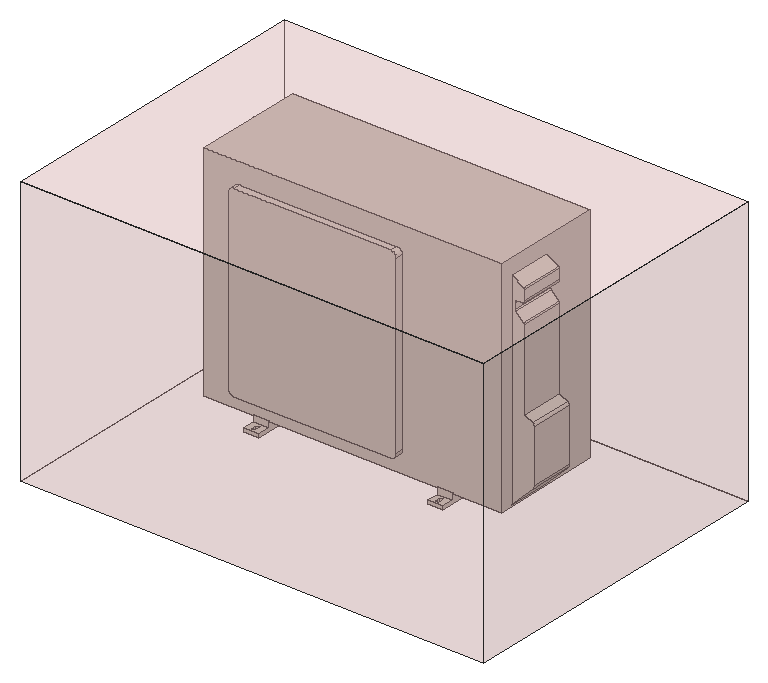
Revit family "PUZ-ZM50VKA2(-ET,ER)", category Mechanical Equipment, Revit 2018
Family settings
  Round Connector Dimension = Use Diameter
  Part Type = Normal
  OmniClass Number = 23.75.00.00
  OmniClass Title = Climate Control (HVAC)
  Work Plane-Based = No
  Always vertical = Yes
  Cut with Voids When Loaded = No
  Shared = No
  Room Calculation Point = No
Parameters (values of type "PUZ-ZM50VKA2(-ET,ER)")
  Width (mm)_ = "809"
  Width (in) = "31-13/16"
  Weight (lbs) = "101"
  Weight (kg) = "46"
  WarrantyStart = ""
  TagNumber = 0
  SerialNumber = 0
  ReplacementYear = ""
  Refrigerant piping :Pipe size O.D liquid (mm) = 6.350 mm
  Refrigerant piping :Pipe size O.D liquid (in) = "1/4"
  Refrigerant piping :Pipe size O.D gas (mm) = 12.700 mm
  Refrigerant piping :Pipe size O.D gas (in) = "1/2"
  Refrigerant control = "Linear expansion valve"
  Refrigerant charged (lbS) = "4.4"
  Refrigerant charged (kg) = "2.0"
  Refrigerant Piping length Between the indoor and outdoor unit(m) = "Maximum 50"
  Refrigerant Piping Height difference Between the indoor and outdoor unit(m) = "Maximum 30"
  Refrigerant Oil Charged (L) = "0.35"
  Refrigerant Oil (Model) = "FW68S"
  Model = "PUZ-ZM50VKA2(-ET,ER)"
  Voltage = 230 V
  URL = "http://www.mitsubishielectric.com/"
  Subcategory = "HVAC"
  Space View = yes
  Refrigerant type = "R32"
  Phase = 1
  Maxmum current (A) = 13 A
  Manufacturer = "Mitsubishi Electric Corporation"
  InstallationDate = ""
  Hertz = 50 Hz
  Height (mm)_ = "630"
  Height (in) = "24-13/16"
  Heating Sound pressure level (dB) = "46"
  Heat exchanger = "Plate fin coil"
  Fan drive = "Propeller fan"
  Fan No. = "1"
  Fan Motor Output (kW) = "0.046"
  Fan Airflow (m3/min) (CFM) = "45 (1590)"
  External Finish = "Munsell 3Y 7.8/1.1"
  Equip_description = ""
  Equip_No. = 0
  Equip_ID = ""
  Description_ = ""
  Description = "Outdoor unit"
  Depth (mm)_ = "300+20"
  Depth (in) = "11-13/16 + 25/32"
  Defrost method = "Reverse cycle"
  CreatedOn = ""
  CreatedBy = ""
  Crankcase heater (kW) = "-"
  Cooling Sound pressure level (dB) = "44"
  Connection method Outdoor side = "Flared"
  Connection method  Indoor side = "Flared"
  Compressor Starter type = "Inverter"
  Compressor Protection devices = "HP switch, Comp.surface thermistor"
  Compressor Motor Output (kW) = "1.0"
  Compressor Model = "SVB140FFSM"
  Compressor = "Hermetic"
  Category = ""
  Barcode = ""
  AssetIdentifier = ""
Reference planes
  plane 1 "Center (Front/Back)": y = 0
  plane 2 "Under": z = 0
  plane 3 "Center (Left/Right)": x = 0
  plane 4: x = -94.5
  plane 5 "Left": x = -404.5
  plane 6 "Right": x = 404.5
  plane 7: z = 320
  plane 8 "TOP": z = 630
  plane 9 "Back": y = 150
  plane 10 "Front": y = -150
  plane 11: y = 250
  plane 12: y = -650
  plane 13: x = -504.5
  plane 14: y = 101.5
  plane 15: z = 730
  plane 16 "pipe": y = -35.5
  plane 17: z = 99.5
  plane 18: x = 434.5
  plane 19: through (4267.2, -35.5, 99.5) normal (0, -0.682, 0.7314)
  plane 20: through (4267.2, -10.925, 181.707) normal (0, 0.5736, -0.8192)
  plane 21: z = 164.5
Forms (mm)
  Extrusion 1, solid, material "Paint_3Y 7.8/ 1.1"
    sketch origin (24.944, 5.059, 0) x (1, 0, 0) y (0, 1, 0)
      loop
        line (-429.444, 144.941) -> (-429.444, -155.059) -> (379.556, -155.059) -> (379.556, 144.941) -> (-429.444, 144.941)
    from 26 to 630
  Extrusion 2, void
    sketch origin (-445.511, 150, 0) x (-1, 0, 0) y (0, 0, -1)
      loop
        line (-759.9, -45) -> (-759.9, -595.625) -> (-90.6, -595.625) -> (-90.6, -45) -> (-759.9, -45)
    from 0 to 20
  Extrusion 3, solid
    sketch origin (-369.6, 137.297, 45) x (1, 0, 0) y (0, 1, 0)
      loop
        circle (514.071, 12.703) r 1.954
      loop
        circle (354.071, 12.703) r 1.954
      loop
        circle (184.071, 12.703) r 1.954
      loop
        circle (23.993, 12.703) r 1.954
      loop
        circle (673.993, 12.703) r 1.954
    from 0 to 550.625
  Extrusion 4, solid
    sketch origin (-450.056, -7.644, 0) x (0, 1, 0) y (0, 0, 1)
      loop
        circle (157.644, 320.312) r 2
      loop
        circle (157.644, 451.312) r 2
      loop
        circle (157.644, 582.312) r 2
      loop
        circle (157.644, 189.312) r 2
      loop
        circle (157.644, 58.312) r 2
    from 95.145 to 764.445
  Extrusion 5, solid, material "Paint_3Y 7.8/ 1.1"
    sketch origin (24.944, -147.241, 0) x (1, 0, 0) y (0, 0, 1)
      loop
        line (379.556, 30) -> (439.627, 90.071)
        arc (439.627, 90.071) -> (441.795, 93.315) -> (442.556, 97.142) r 10
        line (442.556, 97.142) -> (442.556, 240.649)
        arc (442.556, 240.649) -> (441.217, 245.649) -> (437.556, 249.309) r 10
        line (437.556, 249.309) -> (415.575, 262) -> (415.575, 481.488)
        arc (415.575, 481.488) -> (415.195, 483.401) -> (414.111, 485.023) r 5
        line (414.111, 485.023) -> (392.291, 506.843)
        arc (392.291, 506.843) -> (391.207, 508.465) -> (390.827, 510.379) r 5
        line (390.827, 510.379) -> (390.827, 528.065)
        arc (390.827, 528.065) -> (392.291, 531.601) -> (395.827, 533.065) r 5
        line (395.827, 533.065) -> (410.575, 533.065)
        arc (410.575, 533.065) -> (414.111, 534.53) -> (415.575, 538.065) r 5
        line (415.575, 538.065) -> (415.575, 566.518)
        arc (415.575, 566.518) -> (414.906, 569.018) -> (413.075, 570.848) r 5
        line (413.075, 570.848) -> (379.556, 590.2) -> (379.556, 30)
    from -147.241 to -30.241
  Extrusion 6, solid
    sketch origin (404.5, 5.059, 5.7) x (0, 1, 0) y (0, 0, 1)
      loop
        line (-113.021, 551.079) -> (-113.021, 492) -> (-14.055, 492) -> (-14.055, 551.079) -> (-113.021, 551.079)
    from 0 to 5
  Extrusion 7, solid, material "Paint_3Y 7.8/ 1.1"
    sketch origin (0, 0, 0) x (1, 0, 0) y (0, 0, 1)
      loop
        line (-404.5, 605) -> (-404.5, 615) -> (-426.019, 610.175)
        arc (-426.019, 610.175) -> (-426.581, 609.824) -> (-426.8, 609.199) r 1
        line (-426.8, 609.199) -> (-426.8, 605) -> (-404.5, 605)
    from 50 to -50
  Extrusion 8, void
    sketch origin (0, -0.5, 0) x (1, 0, 0) y (0, 1, 0)
      loop
        circle (0, 102) r 21
    from 26 to 45
  Extrusion 9, solid
    sketch origin (0, 10.418, 6.27) x (0, -0.681998, 0.731354) y (1, 0, 0)
      loop
        circle (99.5, 434.5) r 6.35
    from -10 to 30
  Extrusion 10, solid
    sketch origin (0, 33.992, 12.952) x (0, -0.573576, 0.819152) y (1, 0, 0)
      loop
        circle (164, 434.5) r 3.175
    from -10 to 30
  Extrusion 11, solid, material "Paint_3Y 7.8/ 1.1"
    sketch origin (0, -150, 0) x (-1, 0, 0) y (0, 0, 1)
      loop
        line (307.5, 573) -> (-118.5, 573)
        arc (-118.5, 573) -> (-129.107, 568.607) -> (-133.5, 558) r 15
        line (-133.5, 558) -> (-133.5, 82)
        arc (-133.5, 82) -> (-129.107, 71.393) -> (-118.5, 67) r 15
        line (-118.5, 67) -> (307.5, 67)
        arc (307.5, 67) -> (318.107, 71.393) -> (322.5, 82) r 15
        line (322.5, 82) -> (322.5, 558)
        arc (322.5, 558) -> (318.107, 568.607) -> (307.5, 573) r 15
    from 0 to -20
  Extrusion 12, solid, material "Service space", visible <- "Space View"
    sketch origin (0, 0, 0) x (1, 0, 0) y (0, 1, 0)
      loop
        line (-504.5, 250) -> (-504.5, -650) -> (754.5, -650) -> (754.5, 250) -> (-504.5, 250)
    from 0 to 730
Cuts and joins
  Extrusion 2, Extrusion 8 cuts Extrusion 1
  Extrusion 2 cuts Extrusion 3
  Extrusion 2 cuts Extrusion 4
Lines and regions (mm)
  model lines
    curve 1: line (-334.5, 42, 630) -> (334.5, 42, 630)
    curve 2: line (-344.5, 92, 630) -> (-344.5, 52, 630)
    curve 3: line (334.5, 102, 630) -> (-334.5, 102, 630)
    curve 4: line (344.5, 92, 630) -> (344.5, 52, 630)
    curve 5: line (-334.5, -102, 630) -> (334.5, -102, 630)
    curve 6: line (-344.5, -52, 630) -> (-344.5, -92, 630)
    curve 7: line (334.5, -42, 630) -> (-334.5, -42, 630)
    curve 8: line (344.5, -52, 630) -> (344.5, -92, 630)
    curve 9: line (-334.5, -30, 630) -> (334.5, -30, 630)
    curve 10: line (-344.5, 20, 630) -> (-344.5, -20, 630)
    curve 11: line (334.5, 30, 630) -> (-334.5, 30, 630)
    curve 12: line (344.5, 20, 630) -> (344.5, -20, 630)
    curve 13: line (-364.487, -102, 630) -> (-364.487, 98.838, 630)
    curve 14: line (-354.534, 98.838, 630) -> (-354.534, -102, 630)
    curve 15: arc (334.5, 102, 630) -> (341.571, 99.071, 630) -> (344.5, 92, 630) r 10
    curve 16: arc (344.5, 52, 630) -> (341.571, 44.929, 630) -> (334.5, 42, 630) r 10
    curve 17: arc (-344.5, 92, 630) -> (-341.571, 99.071, 630) -> (-334.5, 102, 630) r 10
    curve 18: arc (-344.5, 52, 630) -> (-341.571, 44.929, 630) -> (-334.5, 42, 630) r 10
    curve 19: arc (-334.5, 30, 630) -> (-341.571, 27.071, 630) -> (-344.5, 20, 630) r 10
    curve 20: arc (-344.5, -20, 630) -> (-341.571, -27.071, 630) -> (-334.5, -30, 630) r 10
    curve 21: arc (-334.5, -42, 630) -> (-341.571, -44.929, 630) -> (-344.5, -52, 630) r 10
    curve 22: arc (-344.5, -92, 630) -> (-341.571, -99.071, 630) -> (-334.5, -102, 630) r 10
    curve 23: arc (334.5, 30, 630) -> (341.571, 27.071, 630) -> (344.5, 20, 630) r 10
    curve 24: arc (334.5, -30, 630) -> (341.571, -27.071, 630) -> (344.5, -20, 630) r 10
    curve 25: arc (334.5, -42, 630) -> (341.571, -44.929, 630) -> (344.5, -52, 630) r 10
    curve 26: arc (334.5, -102, 630) -> (341.571, -99.071, 630) -> (344.5, -92, 630) r 10
    curve 27: arc (-364.487, 98.838, 630) -> (-359.511, 103.814, 630) -> (-354.534, 98.838, 630) r 4.976
    curve 28: arc (-354.534, -102, 630) -> (-359.511, -106.976, 630) -> (-364.487, -102, 630) r 4.976
    curve 29: line (364.487, -102, 630) -> (364.487, 98.838, 630)
    curve 30: line (354.534, 98.838, 630) -> (354.534, -102, 630)
    curve 31: arc (364.487, 98.838, 630) -> (359.511, 103.814, 630) -> (354.534, 98.838, 630) r 4.976
    curve 32: arc (354.534, -102, 630) -> (359.511, -106.976, 630) -> (364.487, -102, 630) r 4.976
    curve 33: circle (-94.5, -170, 320) r 215 normal (0, 1, 0)
    curve 34: line (133.5, -170, 555) -> (-322.5, -170, 555)
    curve 35: line (133.5, -170, 461) -> (-322.5, -170, 461)
    curve 36: line (133.5, -170, 367) -> (-322.5, -170, 367)
    curve 37: line (133.5, -170, 273) -> (-322.5, -170, 273)
    curve 38: line (133.5, -170, 179) -> (-322.5, -170, 179)
    curve 39: line (133.5, -170, 85) -> (-322.5, -170, 85)
    curve 40: line (-316.5, -170, 70) -> (-316.5, -170, 570)
    curve 41: line (-304.5, -170, 67) -> (-304.5, -170, 573)
    curve 42: line (-292.5, -170, 67) -> (-292.5, -170, 573)
    curve 43: line (-280.5, -170, 67) -> (-280.5, -170, 573)
    curve 44: line (-268.5, -170, 67) -> (-268.5, -170, 573)
    curve 45: line (-256.5, -170, 67) -> (-256.5, -170, 573)
    curve 46: line (-244.5, -170, 67) -> (-244.5, -170, 573)
    curve 47: line (-232.5, -170, 67) -> (-232.5, -170, 573)
    curve 48: line (-220.5, -170, 67) -> (-220.5, -170, 573)
    curve 49: line (-208.5, -170, 67) -> (-208.5, -170, 573)
    curve 50: line (-196.5, -170, 67) -> (-196.5, -170, 573)
    curve 51: line (-184.5, -170, 67) -> (-184.5, -170, 573)
    curve 52: line (-172.5, -170, 67) -> (-172.5, -170, 573)
    curve 53: line (-160.5, -170, 67) -> (-160.5, -170, 573)
    curve 54: line (-148.5, -170, 67) -> (-148.5, -170, 573)
    curve 55: line (-136.5, -170, 67) -> (-136.5, -170, 573)
    curve 56: line (-124.5, -170, 67) -> (-124.5, -170, 573)
    curve 57: line (-112.5, -170, 67) -> (-112.5, -170, 573)
    curve 58: line (-100.5, -170, 67) -> (-100.5, -170, 573)
    curve 59: line (-88.5, -170, 67) -> (-88.5, -170, 573)
    curve 60: line (-76.5, -170, 67) -> (-76.5, -170, 573)
    curve 61: line (-64.5, -170, 67) -> (-64.5, -170, 573)
    curve 62: line (-52.5, -170, 67) -> (-52.5, -170, 573)
    curve 63: line (-40.5, -170, 67) -> (-40.5, -170, 573)
    curve 64: line (-28.5, -170, 67) -> (-28.5, -170, 573)
    curve 65: line (-16.5, -170, 67) -> (-16.5, -170, 573)
    curve 66: line (-4.5, -170, 67) -> (-4.5, -170, 573)
    curve 67: line (7.5, -170, 67) -> (7.5, -170, 573)
    curve 68: line (19.5, -170, 67) -> (19.5, -170, 573)
    curve 69: line (31.5, -170, 67) -> (31.5, -170, 573)
    curve 70: line (43.5, -170, 67) -> (43.5, -170, 573)
    curve 71: line (55.5, -170, 67) -> (55.5, -170, 573)
    curve 72: line (67.5, -170, 67) -> (67.5, -170, 573)
    curve 73: line (79.5, -170, 67) -> (79.5, -170, 573)
    curve 74: line (91.5, -170, 67) -> (91.5, -170, 573)
    curve 75: line (103.5, -170, 67) -> (103.5, -170, 573)
    curve 76: line (115.5, -170, 67) -> (115.5, -170, 573)
    curve 77: line (127.5, -170, 70) -> (127.5, -170, 570)
    curve 78: line (-404.5, 105, 74) -> (-404.5, 25, 74)
    curve 79: line (-404.5, 110, 65) -> (-404.5, 110, 69)
    curve 80: line (-404.5, 25, 60) -> (-404.5, 105, 60)
    curve 81: line (-404.5, 20, 69) -> (-404.5, 20, 65)
    curve 82: arc (-404.5, 105, 74) -> (-404.5, 108.536, 72.536) -> (-404.5, 110, 69) r 5
    curve 83: arc (-404.5, 110, 65) -> (-404.5, 108.536, 61.464) -> (-404.5, 105, 60) r 5
    curve 84: arc (-404.5, 25, 74) -> (-404.5, 21.464, 72.536) -> (-404.5, 20, 69) r 5
    curve 85: arc (-404.5, 20, 65) -> (-404.5, 21.464, 61.464) -> (-404.5, 25, 60) r 5
    curve 86: line (-404.5, 3, 74) -> (-404.5, -77, 74)
    curve 87: line (-404.5, 8, 65) -> (-404.5, 8, 69)
    curve 88: line (-404.5, -77, 60) -> (-404.5, 3, 60)
    curve 89: line (-404.5, -82, 69) -> (-404.5, -82, 65)
    curve 90: arc (-404.5, 3, 74) -> (-404.5, 6.536, 72.536) -> (-404.5, 8, 69) r 5
    curve 91: arc (-404.5, 8, 65) -> (-404.5, 6.536, 61.464) -> (-404.5, 3, 60) r 5
    curve 92: arc (-404.5, -77, 74) -> (-404.5, -80.536, 72.536) -> (-404.5, -82, 69) r 5
    curve 93: arc (-404.5, -82, 65) -> (-404.5, -80.536, 61.464) -> (-404.5, -77, 60) r 5
    curve 94: line (-404.5, 105, 94) -> (-404.5, 25, 94)
    curve 95: line (-404.5, 110, 85) -> (-404.5, 110, 89)
    curve 96: line (-404.5, 25, 80) -> (-404.5, 105, 80)
    curve 97: line (-404.5, 20, 89) -> (-404.5, 20, 85)
    curve 98: arc (-404.5, 105, 94) -> (-404.5, 108.536, 92.536) -> (-404.5, 110, 89) r 5
    curve 99: arc (-404.5, 110, 85) -> (-404.5, 108.536, 81.464) -> (-404.5, 105, 80) r 5
    curve 100: arc (-404.5, 25, 94) -> (-404.5, 21.464, 92.536) -> (-404.5, 20, 89) r 5
    curve 101: arc (-404.5, 20, 85) -> (-404.5, 21.464, 81.464) -> (-404.5, 25, 80) r 5
    curve 102: line (-404.5, 3, 94) -> (-404.5, -77, 94)
    curve 103: line (-404.5, 8, 85) -> (-404.5, 8, 89)
    curve 104: line (-404.5, -77, 80) -> (-404.5, 3, 80)
    curve 105: line (-404.5, -82, 89) -> (-404.5, -82, 85)
    curve 106: arc (-404.5, 3, 94) -> (-404.5, 6.536, 92.536) -> (-404.5, 8, 89) r 5
    curve 107: arc (-404.5, 8, 85) -> (-404.5, 6.536, 81.464) -> (-404.5, 3, 80) r 5
    curve 108: arc (-404.5, -77, 94) -> (-404.5, -80.536, 92.536) -> (-404.5, -82, 89) r 5
    curve 109: arc (-404.5, -82, 85) -> (-404.5, -80.536, 81.464) -> (-404.5, -77, 80) r 5
    curve 110: line (-404.5, 105, 114) -> (-404.5, 25, 114)
    curve 111: line (-404.5, 110, 105) -> (-404.5, 110, 109)
    curve 112: line (-404.5, 25, 100) -> (-404.5, 105, 100)
    curve 113: line (-404.5, 20, 109) -> (-404.5, 20, 105)
    curve 114: arc (-404.5, 105, 114) -> (-404.5, 108.536, 112.536) -> (-404.5, 110, 109) r 5
    curve 115: arc (-404.5, 110, 105) -> (-404.5, 108.536, 101.464) -> (-404.5, 105, 100) r 5
    curve 116: arc (-404.5, 25, 114) -> (-404.5, 21.464, 112.536) -> (-404.5, 20, 109) r 5
    curve 117: arc (-404.5, 20, 105) -> (-404.5, 21.464, 101.464) -> (-404.5, 25, 100) r 5
    curve 118: line (-404.5, 3, 114) -> (-404.5, -77, 114)
    curve 119: line (-404.5, 8, 105) -> (-404.5, 8, 109)
    curve 120: line (-404.5, -77, 100) -> (-404.5, 3, 100)
    curve 121: line (-404.5, -82, 109) -> (-404.5, -82, 105)
    curve 122: arc (-404.5, 3, 114) -> (-404.5, 6.536, 112.536) -> (-404.5, 8, 109) r 5
    curve 123: arc (-404.5, 8, 105) -> (-404.5, 6.536, 101.464) -> (-404.5, 3, 100) r 5
    curve 124: arc (-404.5, -77, 114) -> (-404.5, -80.536, 112.536) -> (-404.5, -82, 109) r 5
    curve 125: arc (-404.5, -82, 105) -> (-404.5, -80.536, 101.464) -> (-404.5, -77, 100) r 5
    curve 126: line (-404.5, 105, 134) -> (-404.5, 25, 134)
    curve 127: line (-404.5, 110, 125) -> (-404.5, 110, 129)
    curve 128: line (-404.5, 25, 120) -> (-404.5, 105, 120)
    curve 129: line (-404.5, 20, 129) -> (-404.5, 20, 125)
    curve 130: arc (-404.5, 105, 134) -> (-404.5, 108.536, 132.536) -> (-404.5, 110, 129) r 5
    curve 131: arc (-404.5, 110, 125) -> (-404.5, 108.536, 121.464) -> (-404.5, 105, 120) r 5
    curve 132: arc (-404.5, 25, 134) -> (-404.5, 21.464, 132.536) -> (-404.5, 20, 129) r 5
    curve 133: arc (-404.5, 20, 125) -> (-404.5, 21.464, 121.464) -> (-404.5, 25, 120) r 5
    curve 134: line (-404.5, 3, 134) -> (-404.5, -77, 134)
    curve 135: line (-404.5, 8, 125) -> (-404.5, 8, 129)
    curve 136: line (-404.5, -77, 120) -> (-404.5, 3, 120)
    curve 137: line (-404.5, -82, 129) -> (-404.5, -82, 125)
    curve 138: arc (-404.5, 3, 134) -> (-404.5, 6.536, 132.536) -> (-404.5, 8, 129) r 5
    curve 139: arc (-404.5, 8, 125) -> (-404.5, 6.536, 121.464) -> (-404.5, 3, 120) r 5
    curve 140: arc (-404.5, -77, 134) -> (-404.5, -80.536, 132.536) -> (-404.5, -82, 129) r 5
    curve 141: arc (-404.5, -82, 125) -> (-404.5, -80.536, 121.464) -> (-404.5, -77, 120) r 5
    curve 142: line (-404.5, 105, 154) -> (-404.5, 25, 154)
    curve 143: line (-404.5, 110, 145) -> (-404.5, 110, 149)
    curve 144: line (-404.5, 25, 140) -> (-404.5, 105, 140)
    curve 145: line (-404.5, 20, 149) -> (-404.5, 20, 145)
    curve 146: arc (-404.5, 105, 154) -> (-404.5, 108.536, 152.536) -> (-404.5, 110, 149) r 5
    curve 147: arc (-404.5, 110, 145) -> (-404.5, 108.536, 141.464) -> (-404.5, 105, 140) r 5
    curve 148: arc (-404.5, 25, 154) -> (-404.5, 21.464, 152.536) -> (-404.5, 20, 149) r 5
    curve 149: arc (-404.5, 20, 145) -> (-404.5, 21.464, 141.464) -> (-404.5, 25, 140) r 5
    curve 150: line (-404.5, 3, 154) -> (-404.5, -77, 154)
    curve 151: line (-404.5, 8, 145) -> (-404.5, 8, 149)
    curve 152: line (-404.5, -77, 140) -> (-404.5, 3, 140)
    curve 153: line (-404.5, -82, 149) -> (-404.5, -82, 145)
    curve 154: arc (-404.5, 3, 154) -> (-404.5, 6.536, 152.536) -> (-404.5, 8, 149) r 5
    curve 155: arc (-404.5, 8, 145) -> (-404.5, 6.536, 141.464) -> (-404.5, 3, 140) r 5
    curve 156: arc (-404.5, -77, 154) -> (-404.5, -80.536, 152.536) -> (-404.5, -82, 149) r 5
    curve 157: arc (-404.5, -82, 145) -> (-404.5, -80.536, 141.464) -> (-404.5, -77, 140) r 5
    curve 158: line (-404.5, 105, 174) -> (-404.5, 25, 174)
    curve 159: line (-404.5, 110, 165) -> (-404.5, 110, 169)
    curve 160: line (-404.5, 25, 160) -> (-404.5, 105, 160)
    curve 161: line (-404.5, 20, 169) -> (-404.5, 20, 165)
    curve 162: arc (-404.5, 105, 174) -> (-404.5, 108.536, 172.536) -> (-404.5, 110, 169) r 5
    curve 163: arc (-404.5, 110, 165) -> (-404.5, 108.536, 161.464) -> (-404.5, 105, 160) r 5
    curve 164: arc (-404.5, 25, 174) -> (-404.5, 21.464, 172.536) -> (-404.5, 20, 169) r 5
    curve 165: arc (-404.5, 20, 165) -> (-404.5, 21.464, 161.464) -> (-404.5, 25, 160) r 5
    curve 166: line (-404.5, 3, 174) -> (-404.5, -77, 174)
    curve 167: line (-404.5, 8, 165) -> (-404.5, 8, 169)
    curve 168: line (-404.5, -77, 160) -> (-404.5, 3, 160)
    curve 169: line (-404.5, -82, 169) -> (-404.5, -82, 165)
    curve 170: arc (-404.5, 3, 174) -> (-404.5, 6.536, 172.536) -> (-404.5, 8, 169) r 5
    curve 171: arc (-404.5, 8, 165) -> (-404.5, 6.536, 161.464) -> (-404.5, 3, 160) r 5
    curve 172: arc (-404.5, -77, 174) -> (-404.5, -80.536, 172.536) -> (-404.5, -82, 169) r 5
    curve 173: arc (-404.5, -82, 165) -> (-404.5, -80.536, 161.464) -> (-404.5, -77, 160) r 5
    curve 174: line (-404.5, 105, 194) -> (-404.5, 25, 194)
    curve 175: line (-404.5, 110, 185) -> (-404.5, 110, 189)
    curve 176: line (-404.5, 25, 180) -> (-404.5, 105, 180)
    curve 177: line (-404.5, 20, 189) -> (-404.5, 20, 185)
    curve 178: arc (-404.5, 105, 194) -> (-404.5, 108.536, 192.536) -> (-404.5, 110, 189) r 5
    curve 179: arc (-404.5, 110, 185) -> (-404.5, 108.536, 181.464) -> (-404.5, 105, 180) r 5
    curve 180: arc (-404.5, 25, 194) -> (-404.5, 21.464, 192.536) -> (-404.5, 20, 189) r 5
    curve 181: arc (-404.5, 20, 185) -> (-404.5, 21.464, 181.464) -> (-404.5, 25, 180) r 5
    curve 182: line (-404.5, 3, 194) -> (-404.5, -77, 194)
    curve 183: line (-404.5, 8, 185) -> (-404.5, 8, 189)
    curve 184: line (-404.5, -77, 180) -> (-404.5, 3, 180)
    curve 185: line (-404.5, -82, 189) -> (-404.5, -82, 185)
    curve 186: arc (-404.5, 3, 194) -> (-404.5, 6.536, 192.536) -> (-404.5, 8, 189) r 5
    curve 187: arc (-404.5, 8, 185) -> (-404.5, 6.536, 181.464) -> (-404.5, 3, 180) r 5
    curve 188: arc (-404.5, -77, 194) -> (-404.5, -80.536, 192.536) -> (-404.5, -82, 189) r 5
    curve 189: arc (-404.5, -82, 185) -> (-404.5, -80.536, 181.464) -> (-404.5, -77, 180) r 5
    curve 190: line (-404.5, 105, 214) -> (-404.5, 25, 214)
    curve 191: line (-404.5, 110, 205) -> (-404.5, 110, 209)
    curve 192: line (-404.5, 25, 200) -> (-404.5, 105, 200)
    curve 193: line (-404.5, 20, 209) -> (-404.5, 20, 205)
    curve 194: arc (-404.5, 105, 214) -> (-404.5, 108.536, 212.536) -> (-404.5, 110, 209) r 5
    curve 195: arc (-404.5, 110, 205) -> (-404.5, 108.536, 201.464) -> (-404.5, 105, 200) r 5
    curve 196: arc (-404.5, 25, 214) -> (-404.5, 21.464, 212.536) -> (-404.5, 20, 209) r 5
    curve 197: arc (-404.5, 20, 205) -> (-404.5, 21.464, 201.464) -> (-404.5, 25, 200) r 5
    curve 198: line (-404.5, 3, 214) -> (-404.5, -77, 214)
    curve 199: line (-404.5, 8, 205) -> (-404.5, 8, 209)
    curve 200: line (-404.5, -77, 200) -> (-404.5, 3, 200)
    curve 201: line (-404.5, -82, 209) -> (-404.5, -82, 205)
    curve 202: arc (-404.5, 3, 214) -> (-404.5, 6.536, 212.536) -> (-404.5, 8, 209) r 5
    curve 203: arc (-404.5, 8, 205) -> (-404.5, 6.536, 201.464) -> (-404.5, 3, 200) r 5
    curve 204: arc (-404.5, -77, 214) -> (-404.5, -80.536, 212.536) -> (-404.5, -82, 209) r 5
    curve 205: arc (-404.5, -82, 205) -> (-404.5, -80.536, 201.464) -> (-404.5, -77, 200) r 5
    curve 206: line (-404.5, 105, 234) -> (-404.5, 25, 234)
    curve 207: line (-404.5, 110, 225) -> (-404.5, 110, 229)
    curve 208: line (-404.5, 25, 220) -> (-404.5, 105, 220)
    curve 209: line (-404.5, 20, 229) -> (-404.5, 20, 225)
    curve 210: arc (-404.5, 105, 234) -> (-404.5, 108.536, 232.536) -> (-404.5, 110, 229) r 5
    curve 211: arc (-404.5, 110, 225) -> (-404.5, 108.536, 221.464) -> (-404.5, 105, 220) r 5
    curve 212: arc (-404.5, 25, 234) -> (-404.5, 21.464, 232.536) -> (-404.5, 20, 229) r 5
    curve 213: arc (-404.5, 20, 225) -> (-404.5, 21.464, 221.464) -> (-404.5, 25, 220) r 5
    curve 214: line (-404.5, 3, 234) -> (-404.5, -77, 234)
    curve 215: line (-404.5, 8, 225) -> (-404.5, 8, 229)
    curve 216: line (-404.5, -77, 220) -> (-404.5, 3, 220)
    curve 217: line (-404.5, -82, 229) -> (-404.5, -82, 225)
    curve 218: arc (-404.5, 3, 234) -> (-404.5, 6.536, 232.536) -> (-404.5, 8, 229) r 5
    curve 219: arc (-404.5, 8, 225) -> (-404.5, 6.536, 221.464) -> (-404.5, 3, 220) r 5
    curve 220: arc (-404.5, -77, 234) -> (-404.5, -80.536, 232.536) -> (-404.5, -82, 229) r 5
    curve 221: arc (-404.5, -82, 225) -> (-404.5, -80.536, 221.464) -> (-404.5, -77, 220) r 5
    curve 222: line (-404.5, 105, 254) -> (-404.5, 25, 254)
    curve 223: line (-404.5, 110, 245) -> (-404.5, 110, 249)
    curve 224: line (-404.5, 25, 240) -> (-404.5, 105, 240)
    curve 225: line (-404.5, 20, 249) -> (-404.5, 20, 245)
    curve 226: arc (-404.5, 105, 254) -> (-404.5, 108.536, 252.536) -> (-404.5, 110, 249) r 5
    curve 227: arc (-404.5, 110, 245) -> (-404.5, 108.536, 241.464) -> (-404.5, 105, 240) r 5
    curve 228: arc (-404.5, 25, 254) -> (-404.5, 21.464, 252.536) -> (-404.5, 20, 249) r 5
    curve 229: arc (-404.5, 20, 245) -> (-404.5, 21.464, 241.464) -> (-404.5, 25, 240) r 5
    curve 230: line (-404.5, 3, 254) -> (-404.5, -77, 254)
    curve 231: line (-404.5, 8, 245) -> (-404.5, 8, 249)
    curve 232: line (-404.5, -77, 240) -> (-404.5, 3, 240)
    curve 233: line (-404.5, -82, 249) -> (-404.5, -82, 245)
    curve 234: arc (-404.5, 3, 254) -> (-404.5, 6.536, 252.536) -> (-404.5, 8, 249) r 5
    curve 235: arc (-404.5, 8, 245) -> (-404.5, 6.536, 241.464) -> (-404.5, 3, 240) r 5
    curve 236: arc (-404.5, -77, 254) -> (-404.5, -80.536, 252.536) -> (-404.5, -82, 249) r 5
    curve 237: arc (-404.5, -82, 245) -> (-404.5, -80.536, 241.464) -> (-404.5, -77, 240) r 5
    curve 238: line (-404.5, 105, 274) -> (-404.5, 25, 274)
    curve 239: line (-404.5, 110, 265) -> (-404.5, 110, 269)
    curve 240: line (-404.5, 25, 260) -> (-404.5, 105, 260)
    curve 241: line (-404.5, 20, 269) -> (-404.5, 20, 265)
    curve 242: arc (-404.5, 105, 274) -> (-404.5, 108.536, 272.536) -> (-404.5, 110, 269) r 5
    curve 243: arc (-404.5, 110, 265) -> (-404.5, 108.536, 261.464) -> (-404.5, 105, 260) r 5
    curve 244: arc (-404.5, 25, 274) -> (-404.5, 21.464, 272.536) -> (-404.5, 20, 269) r 5
    curve 245: arc (-404.5, 20, 265) -> (-404.5, 21.464, 261.464) -> (-404.5, 25, 260) r 5
    curve 246: line (-404.5, 3, 274) -> (-404.5, -77, 274)
    curve 247: line (-404.5, 8, 265) -> (-404.5, 8, 269)
    curve 248: line (-404.5, -77, 260) -> (-404.5, 3, 260)
    curve 249: line (-404.5, -82, 269) -> (-404.5, -82, 265)
    curve 250: arc (-404.5, 3, 274) -> (-404.5, 6.536, 272.536) -> (-404.5, 8, 269) r 5
    curve 251: arc (-404.5, 8, 265) -> (-404.5, 6.536, 261.464) -> (-404.5, 3, 260) r 5
    curve 252: arc (-404.5, -77, 274) -> (-404.5, -80.536, 272.536) -> (-404.5, -82, 269) r 5
    curve 253: arc (-404.5, -82, 265) -> (-404.5, -80.536, 261.464) -> (-404.5, -77, 260) r 5
    curve 254: line (-404.5, 105, 294) -> (-404.5, 25, 294)
    curve 255: line (-404.5, 110, 285) -> (-404.5, 110, 289)
    curve 256: line (-404.5, 25, 280) -> (-404.5, 105, 280)
    curve 257: line (-404.5, 20, 289) -> (-404.5, 20, 285)
    curve 258: arc (-404.5, 105, 294) -> (-404.5, 108.536, 292.536) -> (-404.5, 110, 289) r 5
    curve 259: arc (-404.5, 110, 285) -> (-404.5, 108.536, 281.464) -> (-404.5, 105, 280) r 5
    curve 260: arc (-404.5, 25, 294) -> (-404.5, 21.464, 292.536) -> (-404.5, 20, 289) r 5
    curve 261: arc (-404.5, 20, 285) -> (-404.5, 21.464, 281.464) -> (-404.5, 25, 280) r 5
    curve 262: line (-404.5, 3, 294) -> (-404.5, -77, 294)
    curve 263: line (-404.5, 8, 285) -> (-404.5, 8, 289)
    curve 264: line (-404.5, -77, 280) -> (-404.5, 3, 280)
    curve 265: line (-404.5, -82, 289) -> (-404.5, -82, 285)
    curve 266: arc (-404.5, 3, 294) -> (-404.5, 6.536, 292.536) -> (-404.5, 8, 289) r 5
    curve 267: arc (-404.5, 8, 285) -> (-404.5, 6.536, 281.464) -> (-404.5, 3, 280) r 5
    curve 268: arc (-404.5, -77, 294) -> (-404.5, -80.536, 292.536) -> (-404.5, -82, 289) r 5
    curve 269: arc (-404.5, -82, 285) -> (-404.5, -80.536, 281.464) -> (-404.5, -77, 280) r 5
    curve 270: line (-404.5, 105, 314) -> (-404.5, 25, 314)
    curve 271: line (-404.5, 110, 305) -> (-404.5, 110, 309)
    curve 272: line (-404.5, 25, 300) -> (-404.5, 105, 300)
    curve 273: line (-404.5, 20, 309) -> (-404.5, 20, 305)
    curve 274: arc (-404.5, 105, 314) -> (-404.5, 108.536, 312.536) -> (-404.5, 110, 309) r 5
    curve 275: arc (-404.5, 110, 305) -> (-404.5, 108.536, 301.464) -> (-404.5, 105, 300) r 5
    curve 276: arc (-404.5, 25, 314) -> (-404.5, 21.464, 312.536) -> (-404.5, 20, 309) r 5
    curve 277: arc (-404.5, 20, 305) -> (-404.5, 21.464, 301.464) -> (-404.5, 25, 300) r 5
    curve 278: line (-404.5, 3, 314) -> (-404.5, -77, 314)
    curve 279: line (-404.5, 8, 305) -> (-404.5, 8, 309)
    curve 280: line (-404.5, -77, 300) -> (-404.5, 3, 300)
    curve 281: line (-404.5, -82, 309) -> (-404.5, -82, 305)
    curve 282: arc (-404.5, 3, 314) -> (-404.5, 6.536, 312.536) -> (-404.5, 8, 309) r 5
    curve 283: arc (-404.5, 8, 305) -> (-404.5, 6.536, 301.464) -> (-404.5, 3, 300) r 5
    curve 284: arc (-404.5, -77, 314) -> (-404.5, -80.536, 312.536) -> (-404.5, -82, 309) r 5
    curve 285: arc (-404.5, -82, 305) -> (-404.5, -80.536, 301.464) -> (-404.5, -77, 300) r 5
    curve 286: line (-404.5, 105, 334) -> (-404.5, 25, 334)
    curve 287: line (-404.5, 110, 325) -> (-404.5, 110, 329)
    curve 288: line (-404.5, 25, 320) -> (-404.5, 105, 320)
    curve 289: line (-404.5, 20, 329) -> (-404.5, 20, 325)
    curve 290: arc (-404.5, 105, 334) -> (-404.5, 108.536, 332.536) -> (-404.5, 110, 329) r 5
    curve 291: arc (-404.5, 110, 325) -> (-404.5, 108.536, 321.464) -> (-404.5, 105, 320) r 5
    curve 292: arc (-404.5, 25, 334) -> (-404.5, 21.464, 332.536) -> (-404.5, 20, 329) r 5
    curve 293: arc (-404.5, 20, 325) -> (-404.5, 21.464, 321.464) -> (-404.5, 25, 320) r 5
    curve 294: line (-404.5, 3, 334) -> (-404.5, -77, 334)
    curve 295: line (-404.5, 8, 325) -> (-404.5, 8, 329)
    curve 296: line (-404.5, -77, 320) -> (-404.5, 3, 320)
    curve 297: line (-404.5, -82, 329) -> (-404.5, -82, 325)
    curve 298: arc (-404.5, 3, 334) -> (-404.5, 6.536, 332.536) -> (-404.5, 8, 329) r 5
    curve 299: arc (-404.5, 8, 325) -> (-404.5, 6.536, 321.464) -> (-404.5, 3, 320) r 5
    curve 300: arc (-404.5, -77, 334) -> (-404.5, -80.536, 332.536) -> (-404.5, -82, 329) r 5
    curve 301: arc (-404.5, -82, 325) -> (-404.5, -80.536, 321.464) -> (-404.5, -77, 320) r 5
    curve 302: line (-404.5, 105, 354) -> (-404.5, 25, 354)
    curve 303: line (-404.5, 110, 345) -> (-404.5, 110, 349)
    curve 304: line (-404.5, 25, 340) -> (-404.5, 105, 340)
    curve 305: line (-404.5, 20, 349) -> (-404.5, 20, 345)
    curve 306: arc (-404.5, 105, 354) -> (-404.5, 108.536, 352.536) -> (-404.5, 110, 349) r 5
    curve 307: arc (-404.5, 110, 345) -> (-404.5, 108.536, 341.464) -> (-404.5, 105, 340) r 5
    curve 308: arc (-404.5, 25, 354) -> (-404.5, 21.464, 352.536) -> (-404.5, 20, 349) r 5
    curve 309: arc (-404.5, 20, 345) -> (-404.5, 21.464, 341.464) -> (-404.5, 25, 340) r 5
    curve 310: line (-404.5, 3, 354) -> (-404.5, -77, 354)
    curve 311: line (-404.5, 8, 345) -> (-404.5, 8, 349)
    curve 312: line (-404.5, -77, 340) -> (-404.5, 3, 340)
    curve 313: line (-404.5, -82, 349) -> (-404.5, -82, 345)
    curve 314: arc (-404.5, 3, 354) -> (-404.5, 6.536, 352.536) -> (-404.5, 8, 349) r 5
    curve 315: arc (-404.5, 8, 345) -> (-404.5, 6.536, 341.464) -> (-404.5, 3, 340) r 5
    curve 316: arc (-404.5, -77, 354) -> (-404.5, -80.536, 352.536) -> (-404.5, -82, 349) r 5
    curve 317: arc (-404.5, -82, 345) -> (-404.5, -80.536, 341.464) -> (-404.5, -77, 340) r 5
    curve 318: line (-404.5, 105, 374) -> (-404.5, 25, 374)
    curve 319: line (-404.5, 110, 365) -> (-404.5, 110, 369)
    curve 320: line (-404.5, 25, 360) -> (-404.5, 105, 360)
    curve 321: line (-404.5, 20, 369) -> (-404.5, 20, 365)
    curve 322: arc (-404.5, 105, 374) -> (-404.5, 108.536, 372.536) -> (-404.5, 110, 369) r 5
    curve 323: arc (-404.5, 110, 365) -> (-404.5, 108.536, 361.464) -> (-404.5, 105, 360) r 5
    curve 324: arc (-404.5, 25, 374) -> (-404.5, 21.464, 372.536) -> (-404.5, 20, 369) r 5
    curve 325: arc (-404.5, 20, 365) -> (-404.5, 21.464, 361.464) -> (-404.5, 25, 360) r 5
    curve 326: line (-404.5, 3, 374) -> (-404.5, -77, 374)
    curve 327: line (-404.5, 8, 365) -> (-404.5, 8, 369)
    curve 328: line (-404.5, -77, 360) -> (-404.5, 3, 360)
    curve 329: line (-404.5, -82, 369) -> (-404.5, -82, 365)
    curve 330: arc (-404.5, 3, 374) -> (-404.5, 6.536, 372.536) -> (-404.5, 8, 369) r 5
    curve 331: arc (-404.5, 8, 365) -> (-404.5, 6.536, 361.464) -> (-404.5, 3, 360) r 5
    curve 332: arc (-404.5, -77, 374) -> (-404.5, -80.536, 372.536) -> (-404.5, -82, 369) r 5
    curve 333: arc (-404.5, -82, 365) -> (-404.5, -80.536, 361.464) -> (-404.5, -77, 360) r 5
    curve 334: line (-404.5, 105, 394) -> (-404.5, 25, 394)
    curve 335: line (-404.5, 110, 385) -> (-404.5, 110, 389)
    curve 336: line (-404.5, 25, 380) -> (-404.5, 105, 380)
    curve 337: line (-404.5, 20, 389) -> (-404.5, 20, 385)
    curve 338: arc (-404.5, 105, 394) -> (-404.5, 108.536, 392.536) -> (-404.5, 110, 389) r 5
    curve 339: arc (-404.5, 110, 385) -> (-404.5, 108.536, 381.464) -> (-404.5, 105, 380) r 5
    curve 340: arc (-404.5, 25, 394) -> (-404.5, 21.464, 392.536) -> (-404.5, 20, 389) r 5
    curve 341: arc (-404.5, 20, 385) -> (-404.5, 21.464, 381.464) -> (-404.5, 25, 380) r 5
    curve 342: line (-404.5, 3, 394) -> (-404.5, -77, 394)
    curve 343: line (-404.5, 8, 385) -> (-404.5, 8, 389)
    curve 344: line (-404.5, -77, 380) -> (-404.5, 3, 380)
    curve 345: line (-404.5, -82, 389) -> (-404.5, -82, 385)
    curve 346: arc (-404.5, 3, 394) -> (-404.5, 6.536, 392.536) -> (-404.5, 8, 389) r 5
    curve 347: arc (-404.5, 8, 385) -> (-404.5, 6.536, 381.464) -> (-404.5, 3, 380) r 5
    curve 348: arc (-404.5, -77, 394) -> (-404.5, -80.536, 392.536) -> (-404.5, -82, 389) r 5
    curve 349: arc (-404.5, -82, 385) -> (-404.5, -80.536, 381.464) -> (-404.5, -77, 380) r 5
    curve 350: line (-404.5, 105, 414) -> (-404.5, 25, 414)
    curve 351: line (-404.5, 110, 405) -> (-404.5, 110, 409)
    curve 352: line (-404.5, 25, 400) -> (-404.5, 105, 400)
    curve 353: line (-404.5, 20, 409) -> (-404.5, 20, 405)
    curve 354: arc (-404.5, 105, 414) -> (-404.5, 108.536, 412.536) -> (-404.5, 110, 409) r 5
    curve 355: arc (-404.5, 110, 405) -> (-404.5, 108.536, 401.464) -> (-404.5, 105, 400) r 5
    curve 356: arc (-404.5, 25, 414) -> (-404.5, 21.464, 412.536) -> (-404.5, 20, 409) r 5
    curve 357: arc (-404.5, 20, 405) -> (-404.5, 21.464, 401.464) -> (-404.5, 25, 400) r 5
    curve 358: line (-404.5, 3, 414) -> (-404.5, -77, 414)
    curve 359: line (-404.5, 8, 405) -> (-404.5, 8, 409)
    curve 360: line (-404.5, -77, 400) -> (-404.5, 3, 400)
    curve 361: line (-404.5, -82, 409) -> (-404.5, -82, 405)
    curve 362: arc (-404.5, 3, 414) -> (-404.5, 6.536, 412.536) -> (-404.5, 8, 409) r 5
    curve 363: arc (-404.5, 8, 405) -> (-404.5, 6.536, 401.464) -> (-404.5, 3, 400) r 5
    curve 364: arc (-404.5, -77, 414) -> (-404.5, -80.536, 412.536) -> (-404.5, -82, 409) r 5
    curve 365: arc (-404.5, -82, 405) -> (-404.5, -80.536, 401.464) -> (-404.5, -77, 400) r 5
    curve 366: line (-404.5, 105, 434) -> (-404.5, 25, 434)
    curve 367: line (-404.5, 110, 425) -> (-404.5, 110, 429)
    curve 368: line (-404.5, 25, 420) -> (-404.5, 105, 420)
    curve 369: line (-404.5, 20, 429) -> (-404.5, 20, 425)
    curve 370: arc (-404.5, 105, 434) -> (-404.5, 108.536, 432.536) -> (-404.5, 110, 429) r 5
    curve 371: arc (-404.5, 110, 425) -> (-404.5, 108.536, 421.464) -> (-404.5, 105, 420) r 5
    curve 372: arc (-404.5, 25, 434) -> (-404.5, 21.464, 432.536) -> (-404.5, 20, 429) r 5
    curve 373: arc (-404.5, 20, 425) -> (-404.5, 21.464, 421.464) -> (-404.5, 25, 420) r 5
    curve 374: line (-404.5, 3, 434) -> (-404.5, -77, 434)
    curve 375: line (-404.5, 8, 425) -> (-404.5, 8, 429)
    curve 376: line (-404.5, -77, 420) -> (-404.5, 3, 420)
    curve 377: line (-404.5, -82, 429) -> (-404.5, -82, 425)
    curve 378: arc (-404.5, 3, 434) -> (-404.5, 6.536, 432.536) -> (-404.5, 8, 429) r 5
    curve 379: arc (-404.5, 8, 425) -> (-404.5, 6.536, 421.464) -> (-404.5, 3, 420) r 5
    curve 380: arc (-404.5, -77, 434) -> (-404.5, -80.536, 432.536) -> (-404.5, -82, 429) r 5
    curve 381: arc (-404.5, -82, 425) -> (-404.5, -80.536, 421.464) -> (-404.5, -77, 420) r 5
    curve 382: line (-404.5, 105, 454) -> (-404.5, 25, 454)
    curve 383: line (-404.5, 110, 445) -> (-404.5, 110, 449)
    curve 384: line (-404.5, 25, 440) -> (-404.5, 105, 440)
    curve 385: line (-404.5, 20, 449) -> (-404.5, 20, 445)
    curve 386: arc (-404.5, 105, 454) -> (-404.5, 108.536, 452.536) -> (-404.5, 110, 449) r 5
    curve 387: arc (-404.5, 110, 445) -> (-404.5, 108.536, 441.464) -> (-404.5, 105, 440) r 5
    curve 388: arc (-404.5, 25, 454) -> (-404.5, 21.464, 452.536) -> (-404.5, 20, 449) r 5
    curve 389: arc (-404.5, 20, 445) -> (-404.5, 21.464, 441.464) -> (-404.5, 25, 440) r 5
    curve 390: line (-404.5, 3, 454) -> (-404.5, -77, 454)
    curve 391: line (-404.5, 8, 445) -> (-404.5, 8, 449)
    curve 392: line (-404.5, -77, 440) -> (-404.5, 3, 440)
    curve 393: line (-404.5, -82, 449) -> (-404.5, -82, 445)
    curve 394: arc (-404.5, 3, 454) -> (-404.5, 6.536, 452.536) -> (-404.5, 8, 449) r 5
    curve 395: arc (-404.5, 8, 445) -> (-404.5, 6.536, 441.464) -> (-404.5, 3, 440) r 5
    curve 396: arc (-404.5, -77, 454) -> (-404.5, -80.536, 452.536) -> (-404.5, -82, 449) r 5
    curve 397: arc (-404.5, -82, 445) -> (-404.5, -80.536, 441.464) -> (-404.5, -77, 440) r 5
    curve 398: line (-404.5, 105, 474) -> (-404.5, 25, 474)
    curve 399: line (-404.5, 110, 465) -> (-404.5, 110, 469)
    curve 400: line (-404.5, 25, 460) -> (-404.5, 105, 460)
    curve 401: line (-404.5, 20, 469) -> (-404.5, 20, 465)
    curve 402: arc (-404.5, 105, 474) -> (-404.5, 108.536, 472.536) -> (-404.5, 110, 469) r 5
    curve 403: arc (-404.5, 110, 465) -> (-404.5, 108.536, 461.464) -> (-404.5, 105, 460) r 5
    curve 404: arc (-404.5, 25, 474) -> (-404.5, 21.464, 472.536) -> (-404.5, 20, 469) r 5
    curve 405: arc (-404.5, 20, 465) -> (-404.5, 21.464, 461.464) -> (-404.5, 25, 460) r 5
    curve 406: line (-404.5, 3, 474) -> (-404.5, -77, 474)
    curve 407: line (-404.5, 8, 465) -> (-404.5, 8, 469)
    curve 408: line (-404.5, -77, 460) -> (-404.5, 3, 460)
    curve 409: line (-404.5, -82, 469) -> (-404.5, -82, 465)
    curve 410: arc (-404.5, 3, 474) -> (-404.5, 6.536, 472.536) -> (-404.5, 8, 469) r 5
    curve 411: arc (-404.5, 8, 465) -> (-404.5, 6.536, 461.464) -> (-404.5, 3, 460) r 5
    curve 412: arc (-404.5, -77, 474) -> (-404.5, -80.536, 472.536) -> (-404.5, -82, 469) r 5
    curve 413: arc (-404.5, -82, 465) -> (-404.5, -80.536, 461.464) -> (-404.5, -77, 460) r 5
    curve 414: line (-404.5, 105, 494) -> (-404.5, 25, 494)
    curve 415: line (-404.5, 110, 485) -> (-404.5, 110, 489)
    curve 416: line (-404.5, 25, 480) -> (-404.5, 105, 480)
    curve 417: line (-404.5, 20, 489) -> (-404.5, 20, 485)
    curve 418: arc (-404.5, 105, 494) -> (-404.5, 108.536, 492.536) -> (-404.5, 110, 489) r 5
    curve 419: arc (-404.5, 110, 485) -> (-404.5, 108.536, 481.464) -> (-404.5, 105, 480) r 5
    curve 420: arc (-404.5, 25, 494) -> (-404.5, 21.464, 492.536) -> (-404.5, 20, 489) r 5
    curve 421: arc (-404.5, 20, 485) -> (-404.5, 21.464, 481.464) -> (-404.5, 25, 480) r 5
    curve 422: line (-404.5, 3, 494) -> (-404.5, -77, 494)
    curve 423: line (-404.5, 8, 485) -> (-404.5, 8, 489)
    curve 424: line (-404.5, -77, 480) -> (-404.5, 3, 480)
    curve 425: line (-404.5, -82, 489) -> (-404.5, -82, 485)
    curve 426: arc (-404.5, 3, 494) -> (-404.5, 6.536, 492.536) -> (-404.5, 8, 489) r 5
    curve 427: arc (-404.5, 8, 485) -> (-404.5, 6.536, 481.464) -> (-404.5, 3, 480) r 5
    curve 428: arc (-404.5, -77, 494) -> (-404.5, -80.536, 492.536) -> (-404.5, -82, 489) r 5
    curve 429: arc (-404.5, -82, 485) -> (-404.5, -80.536, 481.464) -> (-404.5, -77, 480) r 5
    curve 430: line (-404.5, 105, 514) -> (-404.5, 25, 514)
    curve 431: line (-404.5, 110, 505) -> (-404.5, 110, 509)
    curve 432: line (-404.5, 25, 500) -> (-404.5, 105, 500)
    curve 433: line (-404.5, 20, 509) -> (-404.5, 20, 505)
    curve 434: arc (-404.5, 105, 514) -> (-404.5, 108.536, 512.536) -> (-404.5, 110, 509) r 5
    curve 435: arc (-404.5, 110, 505) -> (-404.5, 108.536, 501.464) -> (-404.5, 105, 500) r 5
    curve 436: arc (-404.5, 25, 514) -> (-404.5, 21.464, 512.536) -> (-404.5, 20, 509) r 5
    curve 437: arc (-404.5, 20, 505) -> (-404.5, 21.464, 501.464) -> (-404.5, 25, 500) r 5
    curve 438: line (-404.5, 3, 514) -> (-404.5, -77, 514)
    curve 439: line (-404.5, 8, 505) -> (-404.5, 8, 509)
    curve 440: line (-404.5, -77, 500) -> (-404.5, 3, 500)
    curve 441: line (-404.5, -82, 509) -> (-404.5, -82, 505)
    curve 442: arc (-404.5, 3, 514) -> (-404.5, 6.536, 512.536) -> (-404.5, 8, 509) r 5
    curve 443: arc (-404.5, 8, 505) -> (-404.5, 6.536, 501.464) -> (-404.5, 3, 500) r 5
    curve 444: arc (-404.5, -77, 514) -> (-404.5, -80.536, 512.536) -> (-404.5, -82, 509) r 5
    curve 445: arc (-404.5, -82, 505) -> (-404.5, -80.536, 501.464) -> (-404.5, -77, 500) r 5
    curve 446: line (-404.5, 105, 534) -> (-404.5, 25, 534)
    curve 447: line (-404.5, 110, 525) -> (-404.5, 110, 529)
    curve 448: line (-404.5, 25, 520) -> (-404.5, 105, 520)
    curve 449: line (-404.5, 20, 529) -> (-404.5, 20, 525)
    curve 450: arc (-404.5, 105, 534) -> (-404.5, 108.536, 532.536) -> (-404.5, 110, 529) r 5
    curve 451: arc (-404.5, 110, 525) -> (-404.5, 108.536, 521.464) -> (-404.5, 105, 520) r 5
    curve 452: arc (-404.5, 25, 534) -> (-404.5, 21.464, 532.536) -> (-404.5, 20, 529) r 5
    curve 453: arc (-404.5, 20, 525) -> (-404.5, 21.464, 521.464) -> (-404.5, 25, 520) r 5
    curve 454: line (-404.5, 3, 534) -> (-404.5, -77, 534)
    curve 455: line (-404.5, 8, 525) -> (-404.5, 8, 529)
    curve 456: line (-404.5, -77, 520) -> (-404.5, 3, 520)
    curve 457: line (-404.5, -82, 529) -> (-404.5, -82, 525)
    curve 458: arc (-404.5, 3, 534) -> (-404.5, 6.536, 532.536) -> (-404.5, 8, 529) r 5
    curve 459: arc (-404.5, 8, 525) -> (-404.5, 6.536, 521.464) -> (-404.5, 3, 520) r 5
    curve 460: arc (-404.5, -77, 534) -> (-404.5, -80.536, 532.536) -> (-404.5, -82, 529) r 5
    curve 461: arc (-404.5, -82, 525) -> (-404.5, -80.536, 521.464) -> (-404.5, -77, 520) r 5
    curve 462: line (-404.5, 105, 554) -> (-404.5, 25, 554)
    curve 463: line (-404.5, 110, 545) -> (-404.5, 110, 549)
    curve 464: line (-404.5, 25, 540) -> (-404.5, 105, 540)
    curve 465: line (-404.5, 20, 549) -> (-404.5, 20, 545)
    curve 466: arc (-404.5, 105, 554) -> (-404.5, 108.536, 552.536) -> (-404.5, 110, 549) r 5
    curve 467: arc (-404.5, 110, 545) -> (-404.5, 108.536, 541.464) -> (-404.5, 105, 540) r 5
    curve 468: arc (-404.5, 25, 554) -> (-404.5, 21.464, 552.536) -> (-404.5, 20, 549) r 5
    curve 469: arc (-404.5, 20, 545) -> (-404.5, 21.464, 541.464) -> (-404.5, 25, 540) r 5
    curve 470: line (-404.5, 3, 554) -> (-404.5, -77, 554)
    curve 471: line (-404.5, 8, 545) -> (-404.5, 8, 549)
    curve 472: line (-404.5, -77, 540) -> (-404.5, 3, 540)
    curve 473: line (-404.5, -82, 549) -> (-404.5, -82, 545)
    curve 474: arc (-404.5, 3, 554) -> (-404.5, 6.536, 552.536) -> (-404.5, 8, 549) r 5
    curve 475: arc (-404.5, 8, 545) -> (-404.5, 6.536, 541.464) -> (-404.5, 3, 540) r 5
    curve 476: arc (-404.5, -77, 554) -> (-404.5, -80.536, 552.536) -> (-404.5, -82, 549) r 5
    curve 477: arc (-404.5, -82, 545) -> (-404.5, -80.536, 541.464) -> (-404.5, -77, 540) r 5
    curve 478: line (-404.5, 105, 574) -> (-404.5, 25, 574)
    curve 479: line (-404.5, 110, 565) -> (-404.5, 110, 569)
    curve 480: line (-404.5, 25, 560) -> (-404.5, 105, 560)
    curve 481: line (-404.5, 20, 569) -> (-404.5, 20, 565)
    curve 482: arc (-404.5, 105, 574) -> (-404.5, 108.536, 572.536) -> (-404.5, 110, 569) r 5
    curve 483: arc (-404.5, 110, 565) -> (-404.5, 108.536, 561.464) -> (-404.5, 105, 560) r 5
    curve 484: arc (-404.5, 25, 574) -> (-404.5, 21.464, 572.536) -> (-404.5, 20, 569) r 5
    curve 485: arc (-404.5, 20, 565) -> (-404.5, 21.464, 561.464) -> (-404.5, 25, 560) r 5
    curve 486: line (-404.5, 3, 574) -> (-404.5, -77, 574)
    curve 487: line (-404.5, 8, 565) -> (-404.5, 8, 569)
    curve 488: line (-404.5, -77, 560) -> (-404.5, 3, 560)
    curve 489: line (-404.5, -82, 569) -> (-404.5, -82, 565)
    curve 490: arc (-404.5, 3, 574) -> (-404.5, 6.536, 572.536) -> (-404.5, 8, 569) r 5
    curve 491: arc (-404.5, 8, 565) -> (-404.5, 6.536, 561.464) -> (-404.5, 3, 560) r 5
    curve 492: arc (-404.5, -77, 574) -> (-404.5, -80.536, 572.536) -> (-404.5, -82, 569) r 5
    curve 493: arc (-404.5, -82, 565) -> (-404.5, -80.536, 561.464) -> (-404.5, -77, 560) r 5
    curve 494: line (-404.5, 150, 605) -> (-404.5, -150, 605)
    curve 495: line (404.5, 150, 605) -> (404.5, -150, 605)
    curve 496: line (-404.5, -150, 605) -> (404.5, -150, 605)
    curve 497: line (-404.5, 150, 605) -> (404.5, 150, 605)
Dimensions and locks
  cut or joined group of Extrusion 1, Extrusion 2, Extrusion 8 to plane 1 "Center (Front/Back)" to cut or joined group of Extrusion 1, Extrusion 2, Extrusion 8 = 150.000 mm, 150.000 mm
  plane 4 to plane 5 "Left" = 310.000 mm
  plane 7 to level = 320.000 mm
  cut or joined group of Extrusion 1, Extrusion 2, Extrusion 8 to level = 630.000 mm
  plane 5 "Left" to Extrusion 7 = 22.300 mm
  plane 5 "Left" to plane 3 "Center (Left/Right)" = 404.500 mm
  plane 9 "Back" to plane 10 "Front" = 300.000 mm
  nested 1 to nested 1 = 330.000 mm
  nested 1 to nested 1 = 360.000 mm
  nested 1 to cut or joined group of Extrusion 1, Extrusion 2, Extrusion 8 = 32.500 mm
  nested 1 to nested 1 = 40.000 mm
  plane 11 to plane 9 "Back" = 100.000 mm
  plane 10 "Front" to plane 12 = 500.000 mm
  plane 15 to plane 8 "TOP" = 100.000 mm
  nested 2 to level = 8.500 mm
  plane 5 "Left" to nested 2 = 154.500 mm
  nested 2 to nested 1 = 500.000 mm
  plane 16 "pipe" to plane 9 "Back" = 185.500 mm
  plane 17 to level = 99.500 mm
  Extrusion 6 to level = 497.700 mm
  plane 21 to level = 164.500 mm
  plane 5 "Left" to plane 3 "Center (Left/Right)" to plane 6 "Right" = 404.500 mm, 404.500 mm
  plane 13 to plane 5 "Left" = 100.000 mm
  plane 6 "Right" to plane 5 "Left" = 809.000 mm
  Extrusion 5 to plane 6 "Right" = 63.000 mm
  Extrusion 11 to plane 10 "Front" = 20.000 mm
  equal spacing: group 38, group 39, group 40, group 41, group 42, group 43, group 44, group 45, group 46, group 47, group 48, group 49, group 50, group 51, group 52, group 53, group 54, group 55, group 56, group 57, group 58, group 59, group 60, group 61, group 62, group 63  (x3)
  plane 14 to plane 10 "Front" = 251.500 mm
  diameter of cut or joined group of Extrusion 1, Extrusion 2, Extrusion 8 = 42.000 mm
  angle plane 17 to plane 19 = 43.00°
  angle plane 21 to plane 20 = 35.00°
  aligned and locked: level to plane 2 "Under"
Nested families
  nested 1: "leg_PUHZ-ZRP_VKA" at (250, -10.85, 0), type "leg_PUHZ-ZRP_VKA"
  nested 2: "leg_PUHZ-ZRP_VKA" at (-250, -10.85, 0), type "leg_PUHZ-ZRP_VKA"
Connectors
  electrical at (409.5, -58.479, 527.24), driven by "Phase", driven by "Voltage"
    settings: on Extrusion 6, index 6, voltage 230 V, apparent load 0 VA, apparent load phase1 0 VA, apparent load phase2 0 VA, apparent load phase3 0 VA, power factor 1, load classification "その他", number of poles 1, system type 30, power factor state 1, is connector primary yes, connector utility no, sub classification motor no, connector description ""
  piping at (434.5, -35.5, 164.5), diameter 6.35, driven by "Refrigerant piping :Pipe size O.D liquid (mm)"
    settings: on Extrusion 10, index 7, connector inside diameter 609.6 mm, connector length 0.000 mm, flow factor 0, pipe flow 0.0 L/s, pressure drop 0.0 Pa, fitting loss kfactor 0, connector angle 0.00°, fixture units 0, engagement length 0.000 mm, angle of deflection 0.00°, flow configuration 0, flow direction 0, fitting loss method 0, system type 22, joint type 0, gender type 0, connector reference index -1, connector utility 0, adjustable connector no, is connector primary yes, connector description "Liquid pipe"
  piping at (434.5, -35.5, 99.5), diameter 12.7, driven by "Refrigerant piping :Pipe size O.D gas (mm)"
    settings: on Extrusion 9, index 8, connector inside diameter 609.6 mm, connector length 0.000 mm, flow factor 0, pipe flow 0.0 L/s, pressure drop 0.0 Pa, fitting loss kfactor 0, connector angle 0.00°, fixture units 0, engagement length 0.000 mm, angle of deflection 0.00°, flow configuration 0, flow direction 0, fitting loss method 0, system type 22, joint type 0, gender type 0, connector reference index -1, connector utility 0, adjustable connector no, is connector primary no, connector description "Gas pipe"
Definition of nested family "leg_PUHZ-ZRP_VKA"
  Parameters
    Manufacturer = "Mitsubishi Electric Corporation\r\n"
    Voltage = 0 V
    Unit Weight (kg) = 0
    URL = "http://global.mitsubishielectric.com/"
    Subcategory = "HVAC\r\n"
    Space View = yes
    Sound Pressure Level_Mid2 (dB(A)) = 0
    Sound Pressure Level_Mid1 (dB(A)) = 0
    Sound Pressure Level_Mid (dB(A)) = 0
    Sound Pressure Level_Low (dB(A)) = 0
    Sound Pressure Level_High (dB(A)) = 0
    Sound Pressure Level (dB(A)) = 0
    Refrigerant type = ""
    Refrigerant Charge (kg) = 0
    Protection Devices_Inverter circuit (COMP./FAN) = ""
    Protection Devices_High pressure (MPa) = ""
    Protection Devices_Fan motor = ""
    Protection Devices_Compressor = ""
    Protection Device = ""
    Phase = 1
    Maximum Overcurrent Protection (A) = 0
    Maximum Circuit Ampacity (A) = 0
    Indoor Unit Total Capacity = ""
    Indoor Unit Model/Quantity = ""
    Hertz = 0 Hz
    Heating Power Input (kW) = 0
    Heating Current (A) = 0
    Heating Capacity (BTU) = 0
    Fan_Type = ""
    Fan_Quantity = 0
    Fan Motor Output (kW) = 0
    External Material = ""
    Cooling Power Input (kW) = 0
    Cooling Current (A) = 0
    Cooling Capacity (BTU) = 0
    Connectable Outdoor Unit = ""
    Compressor_Type = ""
    Compressor_Quantity = 0
    Compressor_Lubricant = ""
    Compressor Motor Output (kW) = 0
    Compressor Case Heater (kW) = 0
    Airflow Rate_Mid2 (cfm) = 0
    Airflow Rate_Mid1 (cfm) = 0
    Airflow Rate_Mid (cfm) = 0
    Airflow Rate_Low (cfm) = 0
    Airflow Rate_High (cfm) = 0
    Airflow Rate (cfm) = 0
  Reference planes
    plane 1: z = 0
    plane 2 "中心(左/右)": x = 0
    plane 3: z = 26
    plane 4: z = 8.5
    plane 5: y = 188.35
    plane 6: y = -171.65
    plane 7: x = -20
    plane 8: x = 20
    plane 9: y = 8.35
    plane 10: y = 173.35
    plane 11: y = -156.65
    plane 12: y = -139.15
    plane 13: y = 160.85
  Forms (mm)
    Extrusion 1, solid
      sketch origin (0, 16.7, 0) x (0, -1, 0) y (0, 0, 1)
        loop
          line (188.35, 8.5) -> (155.85, 8.5) -> (155.85, 26) -> (-144.15, 26) -> (-144.15, 8.5) -> (-171.65, 8.5) -> (-171.65, 0) -> (188.35, 0) -> (188.35, 8.5)
      from 20 to -20
    Extrusion 2, void
      sketch origin (0, -3.15, 0) x (-1, 0, 0) y (0, -1, 0)
        loop
          arc (5, -171.953) -> (0, -166.953) -> (-5, -171.953) r 5
          line (-5, -171.953) -> (-5, -191.5)
          arc (-5, -191.5) -> (0, -196.5) -> (5, -191.5) r 5
          line (5, -191.5) -> (5, -171.953)
        loop
          arc (5, 158.5) -> (0, 163.5) -> (-5, 158.5) r 5
          line (-5, 158.5) -> (-5, 149.406)
          arc (-5, 149.406) -> (0, 144.406) -> (5, 149.406) r 5
          line (5, 149.406) -> (5, 158.5)
      from 0 to 8.5
  Cuts and joins
    Extrusion 2 cuts Extrusion 1
  Dimensions and locks
    aligned and locked: plane 3 to cut or joined group of Extrusion 1, Extrusion 2
